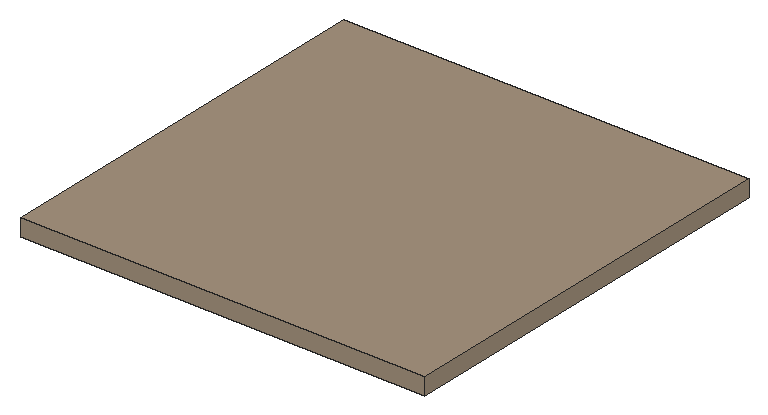
Revit family "Cambio Wall Systems - Decorative - Wood 36x36", category Generic Models, host Face, Revit 2023
Family settings
  Host = Face
  Can host rebar = No
  Round Connector Dimension = Use Diameter
  Part Type = Normal
  Cut with Voids When Loaded = No
  Maintain Annotation Orientation = No
  Shared = No
  Room Calculation Point = No
Parameters (values of type "Wood Veneer - OAK")
  Default Elevation = 4' - 0"
  Cambio Material = Cambio Wood Veneer - Oak
Types (3): name | Cambio Material
  Wood Veneer - MAPLE | Cambio Wood Veneer - Maple
  Wood Veneer - OAK | Cambio Wood Veneer - Oak
  Wood Veneer - WALNUT | Cambio Wood Veneer - Walnut
Reference planes (in)
  plane 1 "Center (Front/Back)": y = 0
  plane 2: z = 0
  plane 3 "Center (Left/Right)": x = 0
  plane 4: z = 0.75
Forms (in)
  Extrusion 1, solid, material "Cambio Wood Veneer - Oak" <- "Cambio Material"
    sketch origin (0, 0, 1.5) x (0, -1, 0) y (1, 0, 0)
      loop
        line (-18, -18) -> (18, -18) -> (18, 18) -> (-18, 18) -> (-18, -18)
    from -1.5 to 0
Dimensions and locks (in)
  Extrusion 1 sketch curve to plane 3 "Center (Left/Right)" to Extrusion 1 sketch curve = 1' - 6" locked, 1' - 6" locked
  Extrusion 1 sketch curve to plane 1 "Center (Front/Back)" to Extrusion 1 sketch curve = 1' - 6" locked, 1' - 6" locked
  aligned and locked: plane 2 to host face
  aligned and locked: level to host face
